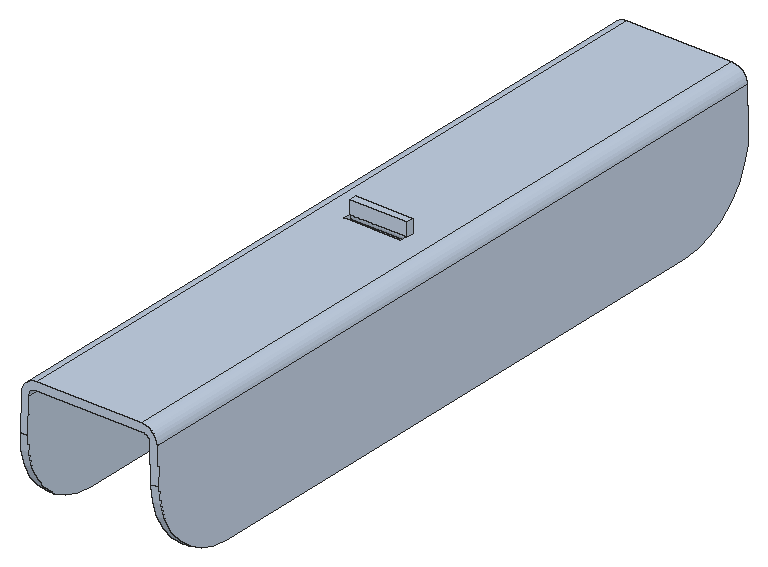
Revit family "KPJ", category 機械設備, Revit 2020
Family settings
  丸型コネクタ寸法 = 直径を使用
  パーツ タイプ = 標準
  OmniClass 番号 = 23.75.00.00
  OmniClass タイトル = Climate Control (HVAC)
  作業面ベース = いいえ
  常に垂直 = はい
  ロード時にボイドで切り取り = いいえ
  共有 = はい
  部屋計算ポイント = いいえ
Parameters (values of type "角ﾊﾟｲﾌﾟｼﾞｮｲﾝﾄ19")
  角ﾊﾟｲﾌﾟｼﾞｮｲﾝﾄ ﾏﾃﾘｱﾙ = 溶融亜鉛メッキ
  製造元 = "株式会社サンユー"
  既定の高さ = 0 mm
  URL = "http://www.3you.co.jp"
Reference planes
  plane 1 "中心(正面/背面)": y = 0
  plane 2: z = 0
  plane 3 "中心(左/右)": x = 0
Forms (mm)
  Extrusion 1, solid, material "溶融亜鉛メッキ" <- "角ﾊﾟｲﾌﾟｼﾞｮｲﾝﾄ ﾏﾃﾘｱﾙ"
    sketch origin (0, 0, 0) x (1, 0, 0) y (0, 0, 1)
      loop
        arc (-7.407, -3.219) -> (-7.104, -2.532) -> (-6.407, -2.25) r 1
        line (-6.407, -2.25) -> (6.407, -2.25)
        arc (6.407, -2.25) -> (7.104, -2.532) -> (7.407, -3.219) r 1
        line (7.407, -3.219) -> (7.85, -17.65) -> (8.749, -17.622) -> (8.306, -3.192)
        arc (8.306, -3.192) -> (7.73, -1.886) -> (6.407, -1.35) r 1.9
        line (6.407, -1.35) -> (-6.407, -1.35)
        arc (-6.407, -1.35) -> (-7.73, -1.886) -> (-8.306, -3.192) r 1.9
        line (-8.306, -3.192) -> (-8.749, -17.622) -> (-7.85, -17.65) -> (-7.407, -3.219)
    from 45 to -45
  Extrusion 2, solid, material "溶融亜鉛メッキ" <- "角ﾊﾟｲﾌﾟｼﾞｮｲﾝﾄ ﾏﾃﾘｱﾙ"
    sketch origin (0, 0, 0) x (0, 1, 0) y (0, 0, 1)
      loop
        line (0, 0.25) -> (-0.9, 0.25) -> (-0.9, -1.35)
        arc (-0.9, -1.35) -> (-0.636, -1.986) -> (0, -2.25) r 0.9
        line (0, -2.25) -> (0, 0.25)
    from 3.5 to -3.5
  Extrusion 3, void
    sketch origin (0, 0, 0) x (1, 0, 0) y (0, 1, 0)
      loop
        line (-3.5, 0) -> (-3.5, -1.8) -> (3.5, -1.8) -> (3.5, 0) -> (-3.5, 0)
    from -1.4 to -2.3
  Extrusion 4, void
    sketch origin (-8.749, 0, -17.622) x (-0.03066, 0, -0.99953) y (0, 1, 0)
      loop
        line (0, 45) -> (-10, 45)
        arc (-10, 45) -> (-2.929, 42.071) -> (0, 35) r 10
        line (0, 35) -> (0, 45)
      loop
        line (0, -45) -> (0, -35)
        arc (0, -35) -> (-2.929, -42.071) -> (-10, -45) r 10
        line (-10, -45) -> (0, -45)
    from 0.9 to 0
  Extrusion 5, void
    sketch origin (8.749, 0, -17.622) x (0.03066, 0, -0.99953) y (0, -1, 0)
      loop
        line (0, -45) -> (0, -35)
        arc (0, -35) -> (-2.929, -42.071) -> (-10, -45) r 10
        line (-10, -45) -> (0, -45)
      loop
        line (0, 45) -> (-10, 45)
        arc (-10, 45) -> (-2.929, 42.071) -> (0, 35) r 10
        line (0, 35) -> (0, 45)
    from 0.9 to 0
Cuts and joins
  Extrusion 3, Extrusion 4, Extrusion 5 cuts Extrusion 1
  joined: Extrusion 1, Extrusion 2
Dimensions and locks
  aligned and locked: level to plane 2
